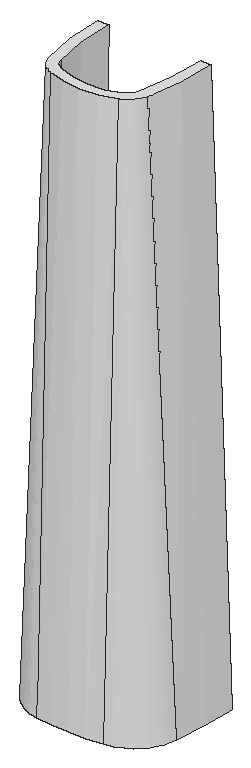
Revit family "Sink-Pedestal-KOHLER-Sacramento-K-8705X", category Specialty Equipment, host Face, Revit 2017
Family settings
  Host = Face
  Round Connector Dimension = Use Diameter
  Part Type = Normal
  OmniClass Number = 23.31.25.00
  Cut with Voids When Loaded = No
  Shared = No
  Room Calculation Point = No
Parameters (values of type "0-White")
  Width = 7 1/2"  # constant formula
  WaterSense Certified = 1 = 0  # no
  URL = "https://www.kohler.co.th/en"
  Type = 1
  Product Page URL = "https://www.kohler.co.th/productDetails/8705X?skuid=8705X-0"
  Product Name = "Sacramento"  # constant formula
  Product Documentation Link = "http://resources.kohler.com/plumbing/kohlerapac/pdf/1019859-X4-D.pdf"
  Model = "K-8705X-0"  # constant formula
  Material = "Vitreous China"  # constant formula
  Master Format 2014 Name = "Toilet, Bath, and Laundry Accessories"  # constant formula
  Master Format 2014 = "10 28 00"  # constant formula
  Manufacturer Address = "16th Floor, Jasmine City Building 2, Soi Sukhumvit 23, Sukhumvit Road, Khlong Toei Nuea, Watthana, Bangkok 10110"  # constant formula
  Manufacturer = "KOHLER Co."  # constant formula
  Length = 5 1/4"  # constant formula
  Height = 27 3/4"  # constant formula
  Finish = Kohler-Vitreous_China-0-White
  Environmental Product Declaration = ""
  Description = "Floor stand"  # constant formula
  Default Elevation = 0"
  Declare Label = ""
  Date Modified = "08/28/2020"  # constant formula
  Date Created = "08/28/2020"  # constant formula
  Copyright = "Copyright KOHLER Co."  # constant formula
  Contact Us = "https://www.kohler.co.th/en/contact-us"
  Assembly Code = "C1030200"
  ADA Compliant = 1 = 0  # no
Reference planes (in)
  plane 1 "Center (Front/Back)": y = 0
  plane 2: z = 0
  plane 3 "Center (Left/Right)": x = 0
  plane 4: x = -3.75
  plane 5: x = -2.75
  plane 6: y = -2.625
  plane 7: y = -4.625
  plane 8: y = -5.25
  plane 9: x = 3.75
  plane 10: x = 2.75
  plane 11: z = 27.75
Dimensions and locks (in)
  "Width": plane 4 to plane 9
  "Length": plane 8 to plane 1 "Center (Front/Back)"
  locked: plane 7 to plane 1 "Center (Front/Back)" at 4.625
  locked: plane 5 to plane 10 at 5.5
  "Height": level to plane 11
  aligned and locked: plane 2 to host face
  aligned and locked: level to host face
  aligned and locked: plane 3 "Center (Left/Right)" to nested 1
Automatic sketch dimensions
  host sketch curve to host sketch curve = 96"  (x2)
Nested families (in)
  nested 1: "K-8705X" at (0, 0, 0), type "K-8705X"
Definition of nested family "K-8705X"
  Parameters (values of type "K-8705X")
    Material = none
  Reference planes (in)
    plane 1 "Center (Front/Back)": y = 0
    plane 2: z = 0
    plane 3 "Center (Left/Right)": x = 0
    plane 4: x = -3.75
    plane 5: x = 3.75
    plane 6: y = -5.25
    plane 7: y = -2.625
    plane 8: x = -2.75
    plane 9: x = 2.75
    plane 10: y = -4.625
    plane 11: z = 27.75
  Forms (in)
    Blend 1, solid, material <- "Material", detail levels medium+fine
      base sketch origin (0, 0, 0) x (1, 0, 0) y (0, 1, 0)
        loop
          arc (-2.75, 0) -> (-2.69307, -1.72632) -> (-2.39522, -3.42771) r 12.31708
          arc (-2.39522, -3.42771) -> (-2.13829, -3.93145) -> (-1.68567, -4.27042) r 1.25
          arc (-1.68567, -4.27042) -> (0, -4.625) -> (1.68567, -4.27042) r 4.18416
          arc (1.68567, -4.27042) -> (2.13829, -3.93145) -> (2.39522, -3.42771) r 1.25
          arc (2.39522, -3.42771) -> (2.69211, -1.73558) -> (2.75068, -0.0186) r 12.31708
          line (2.75068, -0.0186) -> (2.25035, -0.0186)
          arc (2.25035, -0.0186) -> (2.19573, -1.67485) -> (1.90996, -3.30717) r 11.81708
          arc (1.90996, -3.30717) -> (1.75581, -3.60941) -> (1.48424, -3.81279) r 0.75
          arc (1.48424, -3.81279) -> (0, -4.125) -> (-1.48424, -3.81279) r 3.68416
          arc (-1.48424, -3.81279) -> (-1.75581, -3.60941) -> (-1.90996, -3.30717) r 0.75
          arc (-1.90996, -3.30717) -> (-2.19669, -1.66559) -> (-2.24964, 0) r 11.81708
          line (-2.24964, 0) -> (-2.75, 0)
      top sketch origin (0, 0, 0) x (1, 0, 0) y (0, 1, 0)
        loop
          arc (-3.75, 0) -> (-3.72889, -1.56868) -> (-3.5969, -3.13195) r 22.16818
          arc (-3.5969, -3.13195) -> (-2.95719, -4.46599) -> (-1.63723, -5.13426) r 2.29963
          arc (-1.63723, -5.13426) -> (0, -5.25) -> (1.63723, -5.13426) r 11.63744
          arc (1.63723, -5.13426) -> (2.95719, -4.46599) -> (3.5969, -3.13195) r 2.29963
          arc (3.5969, -3.13195) -> (3.72843, -1.5781) -> (3.75041, -0.01885) r 22.16818
          line (3.75041, -0.01885) -> (2.89083, -0.01885)
          arc (2.89083, -0.01885) -> (2.87041, -1.5295) -> (2.743, -3.0349) r 21.30881
          arc (2.743, -3.0349) -> (2.51167, -3.6561) -> (2.02266, -4.10363) r 1.41406
          arc (2.02266, -4.10363) -> (-0.00034, -4.625) -> (-2.02324, -4.10331) r 4.18416
          arc (-2.02324, -4.10331) -> (-2.51181, -3.65608) -> (-2.74294, -3.03537) r 1.4132
          arc (-2.74294, -3.03537) -> (-2.87086, -1.52032) -> (-2.89041, 0) r 21.30881
          line (-2.89041, 0) -> (-3.75, 0)
      from 27.75 to 0
    Extrusion 2, solid, material <- "Material", detail levels medium+fine
      sketch origin (0, 0, 0) x (1, 0, 0) y (0, 0, 1)
        loop
          arc (2.12657, 15.56067) -> (2.07262, 14.04725) -> (1.91102, 12.54152) r 21.25171
          arc (1.91102, 12.54152) -> (1.58346, 11.86188) -> (0.92448, 11.49452) r 1.25
          arc (0.92448, 11.49452) -> (-0.00489, 11.40195) -> (-0.9336, 11.50093) r 4.554
          arc (-0.9336, 11.50093) -> (-1.58718, 11.86978) -> (-1.91173, 12.54646) r 1.25
          arc (-1.91173, 12.54646) -> (-2.0728, 14.04974) -> (-2.12657, 15.56067) r 21.25171
          line (-2.12657, 15.56067) -> (-2.12657, 16.74036)
          arc (-2.12657, 16.74036) -> (-2.14717, 16.79008) -> (-2.19689, 16.81067) r 0.07031
          line (-2.19689, 16.81067) -> (-2.50224, 16.81067) -> (-2.79867, 3.973)
          arc (-2.79867, 3.973) -> (-2.05724, 4.4708) -> (-1.1815, 4.64567) r 2.28027
          line (-1.1815, 4.64567) -> (1.1815, 4.64567)
          arc (1.1815, 4.64567) -> (2.05755, 4.47067) -> (2.79914, 3.97252) r 2.28027
          line (2.79914, 3.97252) -> (2.50283, 16.81067) -> (2.19562, 16.81067)
          arc (2.19562, 16.81067) -> (2.1468, 16.79045) -> (2.12657, 16.74163) r 0.06904
          line (2.12657, 16.74163) -> (2.12657, 15.56067)
      from 0.01791 to 3.71258
    Extrusion 3, solid, material <- "Material", detail levels medium+fine
      sketch origin (0, 0, 0) x (1, 0, 0) y (0, 0, 1)
        loop
          arc (1.91102, 12.54152) -> (1.58346, 11.86188) -> (0.92448, 11.49452) r 1.25
          arc (0.92448, 11.49452) -> (-0.00489, 11.40195) -> (-0.9336, 11.50093) r 4.554
          arc (-0.9336, 11.50093) -> (-1.58718, 11.86978) -> (-1.91173, 12.54646) r 1.25
          line (-1.91173, 12.54646) -> (-1.91173, 10.94784) -> (1.91102, 10.94784) -> (1.91102, 12.54152)
      from 3.71258 to 4.1349
    Extrusion 4, solid, material <- "Material", detail levels coarse
      sketch origin (0, 0, 0) x (1, 0, 0) y (0, 1, 0)
        loop
          arc (-1.68444, -5.12745) -> (-0.84444, -5.21932) -> (0, -5.25) r 11.63744
          arc (0, -5.25) -> (0.84444, -5.21932) -> (1.68444, -5.12745) r 11.63744
          arc (1.68444, -5.12745) -> (2.98276, -4.45843) -> (3.59677, -3.1332) r 2.25
          arc (3.59677, -3.1332) -> (3.71605, -1.56869) -> (3.75, 0) r 28.81834
          line (3.75, 0) -> (-3.75, 0)
          arc (-3.75, 0) -> (-3.71605, -1.56869) -> (-3.59677, -3.1332) r 28.81834
          arc (-3.59677, -3.1332) -> (-2.98276, -4.45843) -> (-1.68444, -5.12745) r 2.25
      from 0 to 27.75
    Extrusion 5, void
      sketch origin (0, 0, 0) x (1, 0, 0) y (0, 1, 0)
        loop
          arc (-1.90996, -3.30717) -> (-1.75581, -3.60941) -> (-1.48424, -3.81279) r 0.75
          arc (-1.48424, -3.81279) -> (0, -4.125) -> (1.48424, -3.81279) r 3.68416
          arc (1.48424, -3.81279) -> (1.75581, -3.60941) -> (1.90996, -3.30717) r 0.75
          arc (1.90996, -3.30717) -> (2.19669, -1.66559) -> (2.24964, 0) r 11.81708
          line (2.24964, 0) -> (-2.24964, 0)
          arc (-2.24964, 0) -> (-2.19669, -1.66559) -> (-1.90996, -3.30717) r 11.81708
      from 16.81067 to 30.70749
  Cuts and joins
    joined: Extrusion 2, Extrusion 3
    Extrusion 5 cuts Extrusion 4
  Lines and regions (in)
    Masking region 1
      outline origin (0, 0, 0) x (0, 1, 0) y (0, 0, 1)
        loop
          line (0, 27.75) -> (-4.52825, 27.75)
          arc (-4.52825, 27.75) -> (-4.59743, 27.7218) -> (-4.62718, 27.65327) r 0.09896
          line (-4.62718, 27.65327) -> (-5.25, 0) -> (0, 0) -> (0, 27.75)
    Masking region 2
      outline origin (0, 0, 0) x (1, 0, 0) y (0, 0, 1)
        loop
          arc (-2.72323, 27.75) -> (-2.7425, 27.74222) -> (-2.75096, 27.72324) r 0.02775
          line (-2.75096, 27.72324) -> (-3.75, 0) -> (3.75, 0) -> (2.75096, 27.72324)
          arc (2.75096, 27.72324) -> (2.7425, 27.74222) -> (2.72323, 27.75) r 0.02775
          line (2.72323, 27.75) -> (-2.72323, 27.75)
    Masking region 3
      outline origin (0, 0, 0) x (1, 0, 0) y (0, 1, 0)
        loop
          arc (-1.63723, -5.13426) -> (-0.82066, -5.22103) -> (0, -5.25) r 11.63744
          arc (0, -5.25) -> (0.82066, -5.22103) -> (1.63723, -5.13426) r 11.63744
          arc (1.63723, -5.13426) -> (2.95719, -4.46599) -> (3.5969, -3.13195) r 2.29963
          arc (3.5969, -3.13195) -> (3.71608, -1.56806) -> (3.75, 0) r 28.81834
          line (3.75, 0) -> (-3.75, 0)
          arc (-3.75, 0) -> (-3.71608, -1.56806) -> (-3.5969, -3.13195) r 28.81834
          arc (-3.5969, -3.13195) -> (-2.95719, -4.46599) -> (-1.63723, -5.13426) r 2.29963
    symbolic lines, detail levels medium+fine
      curve 1: arc (-2.75, 0, 0) -> (-2.69307, -1.72632, 0) -> (-2.39522, -3.42771, 0) r 12.31708
      curve 2: arc (-1.90996, -3.30717, 0) -> (-2.19669, -1.66559, 0) -> (-2.24964, 0, 0) r 11.81708
      curve 3: arc (-2.39522, -3.42771, 0) -> (-2.13829, -3.93145, 0) -> (-1.68567, -4.27042, 0) r 1.25
      curve 4: arc (-1.48424, -3.81279, 0) -> (-1.75581, -3.60941, 0) -> (-1.90996, -3.30717, 0) r 0.75
      curve 5: arc (1.48424, -3.81279, 0) -> (0, -4.125, 0) -> (-1.48424, -3.81279, 0) r 3.68416
      curve 6: arc (1.90996, -3.30717, 0) -> (1.75581, -3.60941, 0) -> (1.48424, -3.81279, 0) r 0.75
      curve 7: arc (2.25035, -0.0186, 0) -> (2.19573, -1.67485, 0) -> (1.90996, -3.30717, 0) r 11.81708
      curve 8: arc (2.39522, -3.42771, 0) -> (2.69211, -1.73558, 0) -> (2.75068, -0.0186, 0) r 12.31708
      curve 9: arc (-1.68567, -4.27042, 0) -> (0, -4.625, 0) -> (1.68567, -4.27042, 0) r 4.18416
      curve 10: arc (1.68567, -4.27042, 0) -> (2.13829, -3.93145, 0) -> (2.39522, -3.42771, 0) r 1.25
      curve 11: line (-2.12804, 0, 0) -> (-2.12804, -2.20951, 0)
      curve 12: line (2.12804, 0, 0) -> (2.12804, -2.20951, 0)
  Dimensions and locks (in)
    locked: plane 4 to plane 5 at 7.5
    plane 6 to plane 1 "Center (Front/Back)" = 5 1/4"
    plane 7 to plane 6 = 2 5/8"
    plane 8 to plane 9 = 5 1/2"
    plane 10 to plane 1 "Center (Front/Back)" = 4 5/8"
    plane 11 to level = 27 3/4"
    aligned and locked: plane 2 to level
